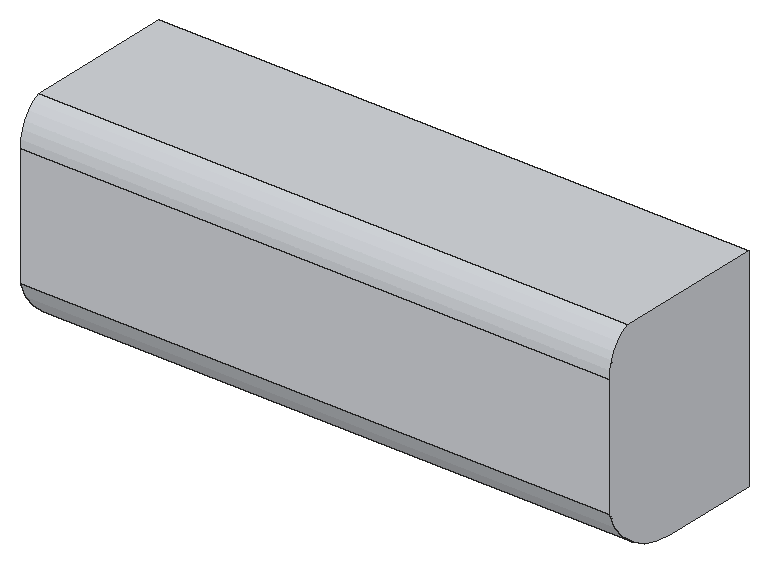
Revit family "Hitachi_RAS-S25_S35YHA_0718", category Mechanical Equipment, Revit 2015
Parameters (values of type "RAS-S35YHA")
  Width = 780 mm  # constant formula
  Weight (kg) = 8.5
  URL = "www.temperzone.biz"
  Pipe Length (min./max.) = "3m to 20m"
  Pipe Height (max.) = "10m"
  Pipe Connection Size - Gas = 9.5 mm  # 9.50 mm
  Pip Connection Size - Liquid = 6.4 mm  # 6.40 mm
  Model - Outdoor = "RAC-S35YHA"
  Model = "RAS-S35YHA"
  Manufacturer = "Hitachi"  # constant formula
  Height = 280 mm  # constant formula
  Heating Range (kW) = "0.9 kW to 4.8 kW"
  Heating Capacity = 3.8 kW
  Description = "Hitachi Wall Mounted 3.5kW Heatpump RAS-S35YHA"
  Depth = 230 mm  # constant formula
  Cooling Range (kW) = "0.9 kW to 4.0 kW"
  Cooling Capacity = 3.5 kW
Types (2, lengths in mm): name | Model - Outdoor | Model | Heating Range (kW) | Heating Capacity | Description | Cooling Range (kW) | Cooling Capacity
  RAS-S35YHA | "RAC-S35YHA" | "RAS-S35YHA" | "0.9 kW to 4.8 kW" | 3.8 kW | "Hitachi Wall Mounted 3.5kW Heatpump RAS-S35YHA" | "0.9 kW to 4.0 kW" | 3.5 kW
  RAS-S25YHA | "RAC-S25YHA" | "RAS-S25YHA" | "0.9 kW to 4.2 kW" | 3.2 kW | "Hitachi Wall Mounted 2.5kW Heatpump RAS-S25YHA" | "0.9 kW to 3.1 kW" | 2.5 kW
Reference planes
  plane 1 "Center (Front/Back)": y = 0
  plane 2: z = 0
  plane 3 "Center (Left/Right)": x = 0
  plane 4: x = -390
  plane 5: x = 390
  plane 6: z = 280
  plane 7: y = -230
Forms (mm)
  Extrusion 1, solid
    sketch origin (0, 0, 0) x (0, 1, 0) y (0, 0, 1)
      loop
        line (0, 280) -> (-200, 280)
        arc (-200, 280) -> (-222.234, 258.196) -> (-230, 228.038) r 58.047
        line (-230, 228.038) -> (-230, 68.038)
        arc (-230, 68.038) -> (-190.473, 17.846) -> (-129.129, 0) r 104.613
        line (-129.129, 0) -> (0, 0) -> (0, 280)
    from -390 to 390
Dimensions and locks
  equal spacing: plane 4, plane 3 "Center (Left/Right)", plane 5
  "Width": plane 4 to plane 5
  "Depth": plane 7 to plane 1 "Center (Front/Back)"
  "Height": plane 6 to plane 2
  aligned and locked: level to plane 2
  aligned and locked: plane 5 to Extrusion 1
  aligned and locked: Extrusion 1 to plane 4
Automatic sketch dimensions
  Extrusion 1 sketch curve to plane 7 = 0 mm
  Extrusion 1 sketch curve to plane 6 = 0 mm
  Extrusion 1 sketch curve to plane 1 "Center (Front/Back)" = 0 mm
  plane 7 to Extrusion 1 sketch curve = 30 mm
  plane 7 to Extrusion 1 sketch curve = 100.871 mm
  Extrusion 1 sketch curve to plane 6 = 50.828 mm
  Extrusion 1 sketch curve to Extrusion 1 sketch curve = 28.036 mm
  plane 7 to Extrusion 1 sketch curve = 98.026 mm
  Extrusion 1 sketch curve to level = 0 mm
  level to Extrusion 1 sketch curve = 68.038 mm
